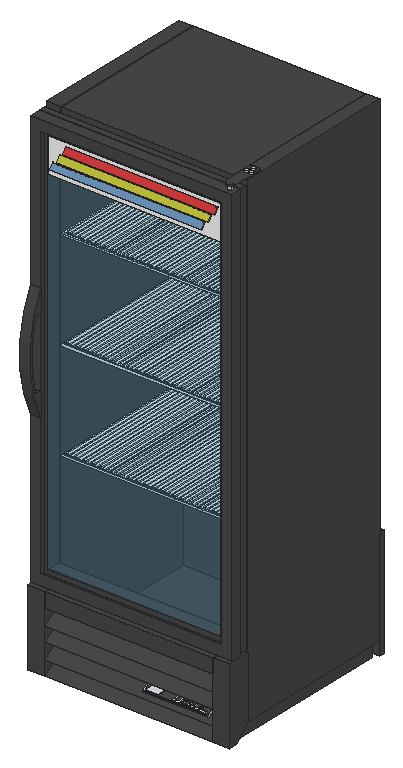
Revit family "QF_TRUE_GDM-12-HC~TSL01", category Specialty Equipment, Revit 2016
Family settings
  Part Type = Normal
  Round Connector Dimension = Use Diameter
  Work Plane-Based = No
  Always vertical = Yes
  Cut with Voids When Loaded = No
  Shared = No
  Room Calculation Point = No
Parameters
  Weight in Pounds = 195
  Watts = Volts * FL Amps  # 230 W
  Volts = 115 V
  URL Cutsheet = ""
  Specification by User = ""
  Specification by Manufacturer = ""
  Show Logo [instance] = yes
  Show Default Legs [instance] = not(Show 2.5 Inches Castors)  # yes
  Show Clearance [instance] = yes
  Show 2.5 Inches Castors [instance] = no
  Serial Number = ""
  Seismic Rating = ""
  SMACNA No = ""
  Revision Code = ""
  Phase = 1
  Number of Poles = 1
  NAFEM Spec ID Number = ""
  Model = "GDM-12-HC~TSL01"
  Min Ckt Ampacity = 0 A
  Max Overcurrent Protection = 0 A
  Masterspec = ""
  Manufacturer = "TRUE"
  Length = 24 13/16"
  Item Number = ""
  Installed By = ""
  Identify Quantity as Lot = yes
  Height [instance] = Body Height + Base Height  # 62 5/16"
  HP = "1/6"
  Furnished By = ""
  Foodservice Equipment Identifier = yes
  FL Amps = 2 A
  Electrical Remarks = ""
  Electric Connection Type = ""
  Elec Conn RI Height = 0"
  Elec Conn Connection Height = 0"
  Description = "SWING DOOR REFRIGERATOR WITH HYDROCARBON REFRIGERANT-TRUE STANDARD LOOK VERSION 01"
  Depth = 25 1/32"
  Cycle = 60 Hz
  Conn Plug = "NEMA 5-15P"
  Conn Conduit = yes
  CSI MasterFormat = ""
  Body Height [instance] = 62 1/8"  # constant formula
  Base Height [instance] = if(Show 2.5 Inches Castors, 2 1/2", 3/16")  # 3/16"
  Apparent Power = 0 VA
Reference planes (in)
  plane 1 "BACK": y = 0
  plane 2: z = 0
  plane 3 "LEFT": x = 0
  plane 4 "RIGHT": x = 24.8125
  plane 5 "FRONT": y = -25.03125
  plane 6 "TOP": z = 62.3125
  plane 7 "Center Y": x = 12.40625
  plane 8 "Center X": y = -12.51562
  plane 9: y = -0.53125
  plane 10: y = -23.40625
  plane 11: y = -25.09375
  plane 12: y = -46.625
  plane 13: z = 0.1875
Dimensions and locks (in)
  equal spacing: plane 3 "LEFT", plane 7 "Center Y", plane 4 "RIGHT"
  "Length": plane 3 "LEFT" to plane 4 "RIGHT"
  equal spacing: plane 5 "FRONT", plane 8 "Center X", plane 1 "BACK"
  "Depth": plane 5 "FRONT" to plane 1 "BACK"
  "Body Height": plane 6 "TOP" to plane 13
  plane 4 "RIGHT" to plane 3 "LEFT" = 24 13/16"
  plane 9 to plane 1 "BACK" = 17/32"
  plane 10 to plane 9 = 22 7/8"
  plane 5 "FRONT" to plane 10 = 1 5/8"
  plane 5 "FRONT" to plane 1 "BACK" = 25 1/32"
  plane 12 to plane 1 "BACK" = 46 5/8"
  "Base Height": plane 13 to level
  aligned and locked: level to plane 2
  aligned and locked: nested 1 to plane 13
Nested families (in)
  nested 1: "GDM-12-HC-TSL01" at (0, 0, 0), Show Clearance <- "Show Clearance", Show Default Legs <- "Show Default Legs", Show Logo <- "Show Logo", type "GDM-12-HC-TSL01"
    with Show Logo yes, Show Default Legs yes, Show Clearance yes
  nested 2: "2.5 INCHES_CASTER" at (2, -2.53125, 0), visible <- "Show 2.5 Inches Castors", 2.5 Inches Caster <- "Show 2.5 Inches Castors", type "2.5 INCHES_CASTER"
    with Type Mark "", Specification by User "", Revision Code "", Item Number "", Installed By "", Identify Quantity as Lot yes, Furnished By "", Foodservice Equipment Identifier yes, 2.5 Inches Caster no
  nested 3: "2.5 INCHES_CASTER" at (22.8125, -2.53125, 0), visible <- "Show 2.5 Inches Castors", 2.5 Inches Caster <- "Show 2.5 Inches Castors", type "2.5 INCHES_CASTER"
    with Type Mark "", Specification by User "", Revision Code "", Item Number "", Installed By "", Identify Quantity as Lot yes, Furnished By "", Foodservice Equipment Identifier yes, 2.5 Inches Caster no
  nested 4: "2.5 INCHES_CASTER" at (2, -21.78125, 0), visible <- "Show 2.5 Inches Castors", 2.5 Inches Caster <- "Show 2.5 Inches Castors", type "2.5 INCHES_CASTER"
    with Type Mark "", Specification by User "", Revision Code "", Item Number "", Installed By "", Identify Quantity as Lot yes, Furnished By "", Foodservice Equipment Identifier yes, 2.5 Inches Caster no
  nested 5: "2.5 INCHES_CASTER" at (22.8125, -21.78125, 0), visible <- "Show 2.5 Inches Castors", 2.5 Inches Caster <- "Show 2.5 Inches Castors", type "2.5 INCHES_CASTER"
    with Type Mark "", Specification by User "", Revision Code "", Item Number "", Installed By "", Identify Quantity as Lot yes, Furnished By "", Foodservice Equipment Identifier yes, 2.5 Inches Caster no
Connectors (in)
  electrical at (12.40625, 0, 7.53125), driven by "Volts", driven by "Watts"
    settings: on nested 1, index 1, voltage 115 V, apparent load 230 VA, apparent load phase1 0 VA, apparent load phase2 0 VA, apparent load phase3 0 VA, power factor 1, load classification "Other", number of poles 1, system type 30, power factor state 1, is connector primary yes, connector utility no, sub classification motor no, connector description "ELECTRICAL CONNECTION"
Definition of nested family "GDM-12-HC-TSL01"
  Parameters (values of type "GDM-12-HC-TSL01")
    Weight in Pounds = 0
    Watts = 0 W
    Volts = 0 V
    URL Cutsheet = ""
    Specification by User = ""
    Specification by Manufacturer = ""
    Show Logo [instance] = yes
    Show Default Legs [instance] = yes
    Show Clearance [instance] = yes
    Serial Number = ""
    Seismic Rating = ""
    SMACNA No = ""
    Revision Code = ""
    Phase = 0
    Number of Poles = 1
    NAFEM Spec ID Number = ""
    Model = ""
    Min Ckt Ampacity = 0 A
    Max Overcurrent Protection = 0 A
    Masterspec = ""
    Manufacturer = ""
    Length = 24 13/16"
    Item Number = ""
    Installed By = ""
    Identify Quantity as Lot = yes
    Height = 62 5/16"
    HP = ""
    Furnished By = ""
    Foodservice Equipment Identifier = yes
    FL Amps = 0 A
    Electrical Remarks = ""
    Electric Connection Type = ""
    Elec Conn RI Height = 0"
    Elec Conn Connection Height = 0"
    Description = ""
    Depth = 25 1/32"
    Cycle = 0 Hz
    Conn Plug = ""
    Conn Conduit = yes
    CSI MasterFormat = ""
    Body Finish = none
    Apparent Power = 0 VA
  Reference planes (in)
    plane 1 "BACK": y = 0
    plane 2: z = 0
    plane 3 "LEFT": x = 0
    plane 4 "RIGHT": x = 24.8125
    plane 5 "FRONT": y = -25.03125
    plane 6 "TOP": z = 62.3125
    plane 7 "Center Y": x = 12.40625
    plane 8 "Center X": y = -12.51562
    plane 9: y = -0.53125
    plane 10: y = -23.40625
    plane 11: y = -25.09375
    plane 12: z = 10.5
    plane 13: z = 2.375
    plane 14: z = 10.5
    plane 15: y = -46.625
    plane 16: y = -46.625
    plane 17: z = 0.1875
  Forms (in)
    Extrusion 1, solid
      sketch origin (0.03125, -23.4375, 65.50979) x (0, 0, 1) y (1, 0, 0)
        loop
          line (-5.03234, 23.53125) -> (-54.00979, 23.53125) -> (-54.00979, 1.21875) -> (-5.03234, 1.21875) -> (-5.03234, 23.53125)
        loop
          line (-5.53234, 23.03125) -> (-53.50979, 23.03125) -> (-53.50979, 1.71875) -> (-5.53234, 1.71875) -> (-5.53234, 23.03125)
      from 2.25251 to 0.5
    Extrusion 2, solid, material <- "Body Finish"
      sketch origin (0.03125, -23.4375, 65.50979) x (0, 0, 1) y (1, 0, 0)
        loop
          line (-55.25979, -0.03125) -> (-3.78234, -0.03125) -> (-3.78234, 24.78125) -> (-55.25979, 24.78125) -> (-55.25979, -0.03125)
        loop
          line (-5.03234, 23.53125) -> (-54.00979, 23.53125) -> (-54.00979, 1.21875) -> (-5.03234, 1.21875) -> (-5.03234, 23.53125)
      from 1.50251 to 0.03125
    Extrusion 3, solid
      sketch origin (0.03125, -23.4375, 65.50979) x (0, 0, 1) y (1, 0, 0)
        loop
          line (-5.03234, 23.53125) -> (-54.00979, 23.53125) -> (-54.00979, 1.21875) -> (-5.03234, 1.21875) -> (-5.03234, 23.53125)
        loop
          line (-4.78234, 23.78125) -> (-54.25979, 23.78125) -> (-54.25979, 0.96875) -> (-4.78234, 0.96875) -> (-4.78234, 23.78125)
      from 2.25251 to 2.5625
    Extrusion 4, solid, material <- "Body Finish"
      sketch origin (0.03125, 2.9375, 12.89062) x (0, 1, 0) y (0, 0, 1)
        loop
          line (-3.46875, 48.33682) -> (-5.125, 48.33682) -> (-5.125, -9.51562) -> (-23.8125, -9.51562) -> (-23.8125, -10.51562) -> (-3.46875, -10.51562) -> (-3.46875, 48.33682)
      from 1.75 to 23
    Extrusion 5, solid, material <- "Body Finish"
      sketch origin (0.03125, 2.9375, 12.89062) x (0, -1, 0) y (0, 0, 1)
        loop
          line (23.8125, 49.33682) -> (3.46875, 49.33682) -> (3.46875, -10.51562) -> (23.8125, -10.51562) -> (23.8125, 49.33682)
      from 0.03125 to -1.75
    Extrusion 6, solid, material <- "Body Finish"
      sketch origin (0, -0.0625, -1.8125) x (0, 1, 0) y (0, 0, 1)
        loop
          line (-0.46875, 2.5) -> (0.0625, 2.5) -> (0.0625, 16.1875) -> (-0.46875, 16.1875) -> (-0.46875, 2.5)
      from 0 to 24.8125
    Extrusion 7, solid, material <- "Body Finish"
      sketch origin (0, 0.46875, 0.375) x (0, 1, 0) y (0, 0, 1)
        loop
          line (-21.34375, 9.625) -> (-24.20354, 9.625) -> (-24.20354, 0.3125) -> (-23.03125, 0.3125) -> (-21.34375, 2) -> (-21.34375, 9.625)
      from 0 to 2
    Extrusion 8, solid
      sketch origin (0, 0.46875, 0.375) x (0, 1, 0) y (0, 0, 1)
        loop
          line (-23.03125, 0.3125) -> (-23.03125, -0.1875) -> (-1, -0.1875) -> (-1, 2) -> (-21.34375, 2) -> (-23.03125, 0.3125)
      from 0.98361 to 23.82889
    Extrusion 9, solid, material <- "Body Finish"
      sketch origin (2, 0.46875, 0.375) x (0, 1, 0) y (0, 0, 1)
        loop
          line (-24.20354, 9.625) -> (-24.20354, 7.875) -> (-21.40384, 7.875) -> (-24.20354, 5.88192) -> (-23.74627, 5.88192) -> (-21.34375, 7.61566) -> (-21.34375, 9.625) -> (-24.20354, 9.625)
        loop
          line (-21.34375, 6.04694) -> (-24.20354, 4.01463) -> (-23.74627, 4.01463) -> (-21.34375, 5.74837) -> (-21.34375, 6.04694)
        loop
          line (-21.34375, 3.88108) -> (-21.34375, 4.17966) -> (-24.20354, 2.11927) -> (-23.78927, 2.11927) -> (-21.34375, 3.88108)
        loop
          line (-21.34375, 2.37289) -> (-24.20354, 0.3125) -> (-23.03125, 0.3125) -> (-21.34375, 2) -> (-21.34375, 2.37289)
      from 0 to 20.8125
    Extrusion 10, solid
      sketch origin (0.03125, -22.9375, 65.50979) x (0, 0, -1) y (1, 0, 0)
        loop
          line (9.78234, 1.71875) -> (53.50979, 1.71875) -> (53.50979, 23.03125) -> (9.78234, 23.03125) -> (9.78234, 1.71875)
      from 0 to -0.125
    Extrusion 11, solid, visible <- "Show Clearance", detail levels coarse
      sketch origin (23.15625, -23.4375, 10.5) x (0, -1, 0) y (-1, 0, 0)
        loop
          line (-0.03125, -1.65625) -> (23.1875, -1.65625)
          arc (23.1875, -1.65625) -> (16.70099, 15.54381) -> (-0.03125, 23.15625) r 24.08186
          line (-0.03125, 23.15625) -> (-0.03125, -1.65625)
      from 0.25 to -51.22744
    Extrusion 12, solid, material <- "Body Finish"
      sketch origin (24.78125, 2.9375, 12.89062) x (0, -1, 0) y (0, 0, -1)
        loop
          line (23.8125, -49.33682) -> (23.8125, 10.51562) -> (3.46875, 10.51562) -> (3.46875, -49.33682) -> (23.8125, -49.33682)
      from 0.03125 to -1.75
    Extrusion 13, solid
      sketch origin (0.03125, -21.96624, 65.50979) x (0, 0, 1) y (1, 0, 0)
        loop
          line (-55.00979, -0.03125) -> (-3.78234, -0.03125) -> (-3.78234, 24.78125) -> (-55.00979, 24.78125) -> (-55.00979, -0.03125)
        loop
          line (-5.03234, 23.53125) -> (-53.75979, 23.53125) -> (-53.75979, 1.21875) -> (-5.03234, 1.21875) -> (-5.03234, 23.53125)
      from 0.78125 to 0.03125
    Extrusion 14, solid, material <- "Body Finish"
      sketch origin (24.8125, 0.46875, 0.375) x (0, 1, 0) y (0, 0, -1)
        loop
          line (-21.34375, -9.625) -> (-21.34375, -2) -> (-23.03125, -0.3125) -> (-24.20354, -0.3125) -> (-24.20354, -9.625) -> (-21.34375, -9.625)
      from 0 to 2
    Extrusion 15, solid
      sketch origin (0.35938, 0, 0) x (1, 0, 0) y (0, 1, 0)
        loop
          circle (23.55974, -22.48479) r 0.25
      from 10 to 62.22744
    Revolve 16, solid, visible <- "Show Default Legs"
      sketch origin (2, 0.46875, 0) x (0, 1, 0) y (0, 0, 1)
        loop
          line (-21.84375, 0) -> (-21.84375, 0.1875) -> (-22.6184, 0.1875) -> (-22.6184, 0) -> (-21.84375, 0)
        axis (-21.84375, 0) -> (-21.84375, 0.1875)
      angle from 0 to 360
    Revolve 17, solid, visible <- "Show Default Legs"
      sketch origin (2, 20.21875, 0) x (0, 1, 0) y (0, 0, 1)
        loop
          line (-21.84375, 0) -> (-21.84375, 0.1875) -> (-22.6184, 0.1875) -> (-22.6184, 0) -> (-21.84375, 0)
        axis (-21.84375, 0) -> (-21.84375, 0.1875)
      angle from 0 to 360
    Revolve 18, solid, visible <- "Show Default Legs"
      sketch origin (22.8125, 0.46875, 0) x (0, 1, 0) y (0, 0, -1)
        loop
          line (-21.84375, 0) -> (-22.6184, 0) -> (-22.6184, -0.1875) -> (-21.84375, -0.1875) -> (-21.84375, 0)
        axis (-21.84375, 0) -> (-21.84375, -0.1875)
      angle from 0 to 360
    Revolve 19, solid, visible <- "Show Default Legs"
      sketch origin (22.8125, 20.21875, 0) x (0, 1, 0) y (0, 0, -1)
        loop
          line (-21.84375, 0) -> (-22.6184, 0) -> (-22.6184, -0.1875) -> (-21.84375, -0.1875) -> (-21.84375, 0)
        axis (-21.84375, 0) -> (-21.84375, -0.1875)
      angle from 0 to 360
    Extrusion 20, solid, not visible
      sketch origin (-6.9261, -177.0625, 34.29306) x (-1, 0, 0) y (0, -1, 0)
        loop
          line (-8.70735, -174.875) -> (-8.70735, -156.1875) -> (-29.95735, -156.1875) -> (-29.95735, -174.875) -> (-8.70735, -174.875)
        loop
          line (-8.95735, -174.625) -> (-8.95735, -156.375) -> (-29.70735, -156.375) -> (-29.70735, -174.625) -> (-8.95735, -174.625)
      from 0 to 0.25
    Extrusion 21, solid, not visible
      sketch origin (0.23437, 2.9375, 7.80869) x (1, 0, 0) y (0, 0, 1)
        loop
          circle (10.17187, 26.73438) r 0.125
        loop
          circle (9.67187, 26.73438) r 0.125
        loop
          circle (9.17187, 26.73438) r 0.125
        loop
          circle (8.67187, 26.73438) r 0.125
        loop
          circle (8.17187, 26.73438) r 0.125
        loop
          circle (7.67187, 26.73438) r 0.125
        loop
          circle (7.17187, 26.73438) r 0.125
        loop
          circle (6.67187, 26.73438) r 0.125
        loop
          circle (6.17187, 26.73438) r 0.125
        loop
          circle (5.67187, 26.73438) r 0.125
        loop
          circle (5.17187, 26.73438) r 0.125
        loop
          circle (4.67187, 26.73438) r 0.125
        loop
          circle (4.17187, 26.73438) r 0.125
        loop
          circle (3.67187, 26.73438) r 0.125
        loop
          circle (3.17187, 26.73438) r 0.125
        loop
          circle (2.67187, 26.73438) r 0.125
        loop
          circle (2.17187, 26.73438) r 0.125
        loop
          circle (10.67187, 26.73438) r 0.125
        loop
          circle (11.17187, 26.73438) r 0.125
        loop
          circle (11.67187, 26.73438) r 0.125
        loop
          circle (12.17188, 26.73438) r 0.125
        loop
          circle (14.17188, 26.73438) r 0.125
        loop
          circle (14.67188, 26.73438) r 0.125
        loop
          circle (15.17188, 26.73438) r 0.125
        loop
          circle (15.67188, 26.73438) r 0.125
        loop
          circle (16.17188, 26.73438) r 0.125
        loop
          circle (16.67188, 26.73438) r 0.125
        loop
          circle (17.17188, 26.73438) r 0.125
        loop
          circle (17.67188, 26.73438) r 0.125
        loop
          circle (18.17188, 26.73438) r 0.125
        loop
          circle (18.67188, 26.73438) r 0.125
        loop
          circle (19.17188, 26.73438) r 0.125
        loop
          circle (19.67188, 26.73438) r 0.125
        loop
          circle (20.17188, 26.73438) r 0.125
        loop
          circle (20.67188, 26.73438) r 0.125
        loop
          circle (21.17188, 26.73438) r 0.125
        loop
          circle (21.67188, 26.73438) r 0.125
        loop
          circle (22.17188, 26.73438) r 0.125
        loop
          circle (13.67188, 26.73438) r 0.125
        loop
          circle (13.17188, 26.73438) r 0.125
        loop
          circle (12.67188, 26.73438) r 0.125
      from 5.125 to 23.625
    Extrusion 22, solid, material <- "Body Finish"
      sketch origin (4.31688, 2.875, 26.74306) x (1, 0, 0) y (0, 1, 0)
        loop
          arc (19.40165, -21.39984) -> (19.03744, -21.55726) -> (18.90258, -21.93042) r 0.5
          line (18.90258, -21.93042) -> (19.11273, -25.35979)
          arc (19.11273, -25.35979) -> (19.6118, -25.82921) -> (20.11086, -25.35979) r 0.5
          line (20.11086, -25.35979) -> (20.32101, -21.93042)
          arc (20.32101, -21.93042) -> (20.18615, -21.55726) -> (19.82195, -21.39984) r 0.5
          line (19.82195, -21.39984) -> (19.40165, -21.39984)
      from 35.48438 to 35.56944
    Extrusion 23, solid
      sketch origin (4.30731, 2.875, 26.74306) x (1, 0, 0) y (0, 1, 0)
        loop
          circle (19.6118, -21.78078) r 0.25
        loop
          circle (19.30218, -22.51019) r 0.25
        loop
          circle (19.92141, -22.51019) r 0.25
      from 35.48438 to 35.64063
    Extrusion 24, solid
      sketch origin (0.75, -20.8125, -17.64756) x (-1, 0, 0) y (0, 0, 1)
        loop
          line (-1, 77.625) -> (-22.3125, 77.625) -> (-22.3125, 73.375) -> (-1, 73.375) -> (-1, 77.625)
      from -0.37249 to -2.125
    Extrusion 25, solid
      sketch origin (0.75, -22.9375, -16.39756) x (1, 0, 0) y (0, 0, 1)
        loop
          line (2.10165, 73.75) -> (20.84375, 73.75) -> (21.22761, 74.75) -> (2.48552, 74.75) -> (2.10165, 73.75)
      from 0 to 0.03125
    Extrusion 26, solid
      sketch origin (0.75, -22.9375, -17.39756) x (1, 0, 0) y (0, 0, 1)
        loop
          line (3.30123, 76.875) -> (2.91736, 75.875) -> (21.64348, 75.875) -> (22.02734, 76.875) -> (3.30123, 76.875)
      from 0 to 0.03125
    Extrusion 27, solid
      sketch origin (0.75, -22.9375, -15.39756) x (1, 0, 0) y (0, 0, 1)
        loop
          line (1.28594, 71.625) -> (20.02239, 71.625) -> (20.40625, 72.625) -> (1.66981, 72.625) -> (1.28594, 71.625)
      from 0 to 0.03125
    Extrusion 28, solid, material <- "Body Finish"
      sketch origin (20.40625, -69.74366, 62.22744) x (0, 1, 0) y (-1, 0, 0)
        loop
          line (69.21241, -2.625) -> (69.21241, 18.625) -> (48.86866, 18.625) -> (48.86866, -2.625) -> (69.21241, -2.625)
      from 0 to -1
    Extrusion 29, solid, material <- "Body Finish"
      sketch origin (-0.25, 2.875, 18.89509) x (0, 1, 0) y (0, 0, 1)
        loop
          arc (-26.28125, 24.2861) -> (-27.90626, 17.09363) -> (-26.28125, 9.90116) r 16.72986
          line (-26.28125, 9.90116) -> (-26.28125, 12.85144) -> (-27.1009, 12.85144)
          arc (-27.1009, 12.85144) -> (-27.65626, 17.09363) -> (-27.1009, 21.33582) r 16.47986
          line (-27.1009, 21.33582) -> (-26.28125, 21.33582) -> (-26.28125, 24.2861)
      from 0.25 to 1.5
    Extrusion 30, solid
      sketch origin (-6.9261, -177.0625, 23.61925) x (-1, 0, 0) y (0, -1, 0)
        loop
          line (-8.70735, -174.875) -> (-8.70735, -156.1875) -> (-29.95735, -156.1875) -> (-29.95735, -174.875) -> (-8.70735, -174.875)
        loop
          line (-8.95735, -174.625) -> (-8.95735, -156.375) -> (-29.70735, -156.375) -> (-29.70735, -174.625) -> (-8.95735, -174.625)
      from 0 to 0.25
    Extrusion 31, solid
      sketch origin (0.23437, 2.9375, -2.86513) x (1, 0, 0) y (0, 0, 1)
        loop
          circle (10.17187, 26.73438) r 0.125
        loop
          circle (9.67187, 26.73438) r 0.125
        loop
          circle (9.17187, 26.73438) r 0.125
        loop
          circle (8.67187, 26.73438) r 0.125
        loop
          circle (8.17187, 26.73438) r 0.125
        loop
          circle (7.67187, 26.73438) r 0.125
        loop
          circle (7.17187, 26.73438) r 0.125
        loop
          circle (6.67187, 26.73438) r 0.125
        loop
          circle (6.17187, 26.73438) r 0.125
        loop
          circle (5.67187, 26.73438) r 0.125
        loop
          circle (5.17187, 26.73438) r 0.125
        loop
          circle (4.67187, 26.73438) r 0.125
        loop
          circle (4.17187, 26.73438) r 0.125
        loop
          circle (3.67187, 26.73438) r 0.125
        loop
          circle (3.17187, 26.73438) r 0.125
        loop
          circle (2.67187, 26.73438) r 0.125
        loop
          circle (2.17187, 26.73438) r 0.125
        loop
          circle (10.67187, 26.73438) r 0.125
        loop
          circle (11.17187, 26.73438) r 0.125
        loop
          circle (11.67187, 26.73438) r 0.125
        loop
          circle (12.17188, 26.73438) r 0.125
        loop
          circle (14.17188, 26.73438) r 0.125
        loop
          circle (14.67188, 26.73438) r 0.125
        loop
          circle (15.17188, 26.73438) r 0.125
        loop
          circle (15.67188, 26.73438) r 0.125
        loop
          circle (16.17188, 26.73438) r 0.125
        loop
          circle (16.67188, 26.73438) r 0.125
        loop
          circle (17.17188, 26.73438) r 0.125
        loop
          circle (17.67188, 26.73438) r 0.125
        loop
          circle (18.17188, 26.73438) r 0.125
        loop
          circle (18.67188, 26.73438) r 0.125
        loop
          circle (19.17188, 26.73438) r 0.125
        loop
          circle (19.67188, 26.73438) r 0.125
        loop
          circle (20.17188, 26.73438) r 0.125
        loop
          circle (20.67188, 26.73438) r 0.125
        loop
          circle (21.17188, 26.73438) r 0.125
        loop
          circle (21.67188, 26.73438) r 0.125
        loop
          circle (22.17188, 26.73438) r 0.125
        loop
          circle (13.67188, 26.73438) r 0.125
        loop
          circle (13.17188, 26.73438) r 0.125
        loop
          circle (12.67188, 26.73438) r 0.125
      from 5.125 to 23.625
    Extrusion 32, solid
      sketch origin (-6.9261, -177.0625, 35.86372) x (-1, 0, 0) y (0, -1, 0)
        loop
          line (-8.70735, -174.875) -> (-8.70735, -156.1875) -> (-29.95735, -156.1875) -> (-29.95735, -174.875) -> (-8.70735, -174.875)
        loop
          line (-8.95735, -174.625) -> (-8.95735, -156.375) -> (-29.70735, -156.375) -> (-29.70735, -174.625) -> (-8.95735, -174.625)
      from 0 to 0.25
    Extrusion 33, solid
      sketch origin (0.23437, 2.9375, 9.37934) x (1, 0, 0) y (0, 0, 1)
        loop
          circle (10.17187, 26.73438) r 0.125
        loop
          circle (9.67187, 26.73438) r 0.125
        loop
          circle (9.17187, 26.73438) r 0.125
        loop
          circle (8.67187, 26.73438) r 0.125
        loop
          circle (8.17187, 26.73438) r 0.125
        loop
          circle (7.67187, 26.73438) r 0.125
        loop
          circle (7.17187, 26.73438) r 0.125
        loop
          circle (6.67187, 26.73438) r 0.125
        loop
          circle (6.17187, 26.73438) r 0.125
        loop
          circle (5.67187, 26.73438) r 0.125
        loop
          circle (5.17187, 26.73438) r 0.125
        loop
          circle (4.67187, 26.73438) r 0.125
        loop
          circle (4.17187, 26.73438) r 0.125
        loop
          circle (3.67187, 26.73438) r 0.125
        loop
          circle (3.17187, 26.73438) r 0.125
        loop
          circle (2.67187, 26.73438) r 0.125
        loop
          circle (2.17187, 26.73438) r 0.125
        loop
          circle (10.67187, 26.73438) r 0.125
        loop
          circle (11.17187, 26.73438) r 0.125
        loop
          circle (11.67187, 26.73438) r 0.125
        loop
          circle (12.17188, 26.73438) r 0.125
        loop
          circle (14.17188, 26.73438) r 0.125
        loop
          circle (14.67188, 26.73438) r 0.125
        loop
          circle (15.17188, 26.73438) r 0.125
        loop
          circle (15.67188, 26.73438) r 0.125
        loop
          circle (16.17188, 26.73438) r 0.125
        loop
          circle (16.67188, 26.73438) r 0.125
        loop
          circle (17.17188, 26.73438) r 0.125
        loop
          circle (17.67188, 26.73438) r 0.125
        loop
          circle (18.17188, 26.73438) r 0.125
        loop
          circle (18.67188, 26.73438) r 0.125
        loop
          circle (19.17188, 26.73438) r 0.125
        loop
          circle (19.67188, 26.73438) r 0.125
        loop
          circle (20.17188, 26.73438) r 0.125
        loop
          circle (20.67188, 26.73438) r 0.125
        loop
          circle (21.17188, 26.73438) r 0.125
        loop
          circle (21.67188, 26.73438) r 0.125
        loop
          circle (22.17188, 26.73438) r 0.125
        loop
          circle (13.67188, 26.73438) r 0.125
        loop
          circle (13.17188, 26.73438) r 0.125
        loop
          circle (12.67188, 26.73438) r 0.125
      from 5.125 to 23.625
    Extrusion 34, solid
      sketch origin (-6.9261, -177.0625, 48.10775) x (-1, 0, 0) y (0, -1, 0)
        loop
          line (-8.70735, -174.875) -> (-8.70735, -156.1875) -> (-29.95735, -156.1875) -> (-29.95735, -174.875) -> (-8.70735, -174.875)
        loop
          line (-8.95735, -174.625) -> (-8.95735, -156.375) -> (-29.70735, -156.375) -> (-29.70735, -174.625) -> (-8.95735, -174.625)
      from 0 to 0.25
    Extrusion 35, solid
      sketch origin (0.23437, 2.9375, 21.62337) x (1, 0, 0) y (0, 0, 1)
        loop
          circle (10.17187, 26.73438) r 0.125
        loop
          circle (9.67187, 26.73438) r 0.125
        loop
          circle (9.17187, 26.73438) r 0.125
        loop
          circle (8.67187, 26.73438) r 0.125
        loop
          circle (8.17187, 26.73438) r 0.125
        loop
          circle (7.67187, 26.73438) r 0.125
        loop
          circle (7.17187, 26.73438) r 0.125
        loop
          circle (6.67187, 26.73438) r 0.125
        loop
          circle (6.17187, 26.73438) r 0.125
        loop
          circle (5.67187, 26.73438) r 0.125
        loop
          circle (5.17187, 26.73438) r 0.125
        loop
          circle (4.67187, 26.73438) r 0.125
        loop
          circle (4.17187, 26.73438) r 0.125
        loop
          circle (3.67187, 26.73438) r 0.125
        loop
          circle (3.17187, 26.73438) r 0.125
        loop
          circle (2.67187, 26.73438) r 0.125
        loop
          circle (2.17187, 26.73438) r 0.125
        loop
          circle (10.67187, 26.73438) r 0.125
        loop
          circle (11.17187, 26.73438) r 0.125
        loop
          circle (11.67187, 26.73438) r 0.125
        loop
          circle (12.17188, 26.73438) r 0.125
        loop
          circle (14.17188, 26.73438) r 0.125
        loop
          circle (14.67188, 26.73438) r 0.125
        loop
          circle (15.17188, 26.73438) r 0.125
        loop
          circle (15.67188, 26.73438) r 0.125
        loop
          circle (16.17188, 26.73438) r 0.125
        loop
          circle (16.67188, 26.73438) r 0.125
        loop
          circle (17.17188, 26.73438) r 0.125
        loop
          circle (17.67188, 26.73438) r 0.125
        loop
          circle (18.17188, 26.73438) r 0.125
        loop
          circle (18.67188, 26.73438) r 0.125
        loop
          circle (19.17188, 26.73438) r 0.125
        loop
          circle (19.67188, 26.73438) r 0.125
        loop
          circle (20.17188, 26.73438) r 0.125
        loop
          circle (20.67188, 26.73438) r 0.125
        loop
          circle (21.17188, 26.73438) r 0.125
        loop
          circle (21.67188, 26.73438) r 0.125
        loop
          circle (22.17188, 26.73438) r 0.125
        loop
          circle (13.67188, 26.73438) r 0.125
        loop
          circle (13.17188, 26.73438) r 0.125
        loop
          circle (12.67188, 26.73438) r 0.125
      from 5.125 to 23.625
    Extrusion 36, solid, material <- "Body Finish"
      sketch origin (0, 0, 0) x (1, 0, 0) y (0, 0, 1)
        loop
          circle (12.40625, 7.28125) r 0.25
      from 0 to -0.125
  Lines and regions (in)
    symbolic lines
      curve 1: line (0, 0, 0) -> (24.8125, 0, 0)
      curve 2: line (0, -23.73479, 0) -> (0, 0, 0)
      curve 3: line (24.8125, -23.40625, 0) -> (0, -23.40625, 0)
      curve 4: line (24.8125, 0, 0) -> (24.8125, -23.73479, 0)
      curve 5: line (24.8125, -21.93499, 0) -> (24.46144, -21.93499, 0)
      curve 6: line (24.8125, -21.18499, 0) -> (24.5074, -21.18499, 0)
      curve 7: line (0, -20.875, 0) -> (23.33097, -20.875, 0)
      curve 8: line (1.78125, -0.53125, 0) -> (1.78125, -20.875, 0)
      curve 9: line (23.03125, -20.875, 0) -> (23.03125, -0.53125, 0)
      curve 10: line (24.13883, -18.52484, 0) -> (23.71853, -18.52484, 0)
      curve 11: arc (23.71853, -18.52484, 0) -> (23.35432, -18.68226, 0) -> (23.21947, -19.05542, 0) r 0.5
      curve 12: line (23.21947, -19.05542, 0) -> (23.42962, -22.48479, 0)
      curve 13: arc (23.42962, -22.48479, 0) -> (23.92868, -22.95421, 0) -> (24.42775, -22.48479, 0) r 0.5
      curve 14: line (24.42775, -22.48479, 0) -> (24.6379, -19.05542, 0)
      curve 15: arc (24.6379, -19.05542, 0) -> (24.50304, -18.68226, 0) -> (24.13883, -18.52484, 0) r 0.5
      curve 16: arc (24.16911, -22.48479, 0) -> (23.91911, -22.23479, 0) -> (23.66911, -22.48479, 0) r 0.25
      curve 17: arc (23.66911, -22.48479, 0) -> (23.91911, -22.73479, 0) -> (24.16911, -22.48479, 0) r 0.25
      curve 18: arc (23.3595, -19.63519, 0) -> (23.6095, -19.88519, 0) -> (23.8595, -19.63519, 0) r 0.25
      curve 19: arc (23.8595, -19.63519, 0) -> (23.6095, -19.38519, 0) -> (23.3595, -19.63519, 0) r 0.25
      curve 20: arc (23.97873, -19.63519, 0) -> (24.22873, -19.88519, 0) -> (24.47873, -19.63519, 0) r 0.25
      curve 21: arc (24.47873, -19.63519, 0) -> (24.22873, -19.38519, 0) -> (23.97873, -19.63519, 0) r 0.25
      curve 22: arc (23.66911, -18.90578, 0) -> (23.91911, -19.15578, 0) -> (24.16911, -18.90578, 0) r 0.25
      curve 23: arc (24.16911, -18.90578, 0) -> (23.91911, -18.65578, 0) -> (23.66911, -18.90578, 0) r 0.25
      curve 24: line (24.52639, -20.875, 0) -> (24.8125, -20.875, 0)
      curve 25: line (23.34997, -21.18499, 0) -> (0, -21.18499, 0)
      curve 26: line (23.39593, -21.93499, 0) -> (0, -21.93499, 0)
      curve 27: line (24.8125, -23.40625, 0) -> (3.78864, -35.54438, 0)
      curve 28: arc (3.78864, -35.54438, 0) -> (1.07871, -29.72989, 0) -> (0, -23.40625, 0) r 24.08186
      curve 29: line (0.625, -25.03126, 0) -> (0.625, -23.40625, 0)
      curve 30: line (0.625, -25.03126, 0) -> (1.625, -25.03126, 0)
      curve 31: line (1.625, -25.03126, 0) -> (1.625, -23.40625, 0)
      curve 32: line (0, -23.73479, 0) -> (0.625, -23.73479, 0)
      curve 33: line (1.625, -23.73479, 0) -> (24.8125, -23.73479, 0)
      curve 34: line (0, -0.53125, 0) -> (24.8125, -0.53125, 0)
  Dimensions and locks (in)
    equal spacing: plane 3 "LEFT", plane 7 "Center Y", plane 4 "RIGHT"
    "Length": plane 3 "LEFT" to plane 4 "RIGHT"
    equal spacing: plane 5 "FRONT", plane 8 "Center X", plane 1 "BACK"
    "Depth": plane 5 "FRONT" to plane 1 "BACK"
    "Height": plane 6 "TOP" to level
    plane 4 "RIGHT" to plane 3 "LEFT" = 24 13/16"
    plane 9 to plane 1 "BACK" = 17/32"
    plane 10 to plane 9 = 22 7/8"
    plane 5 "FRONT" to plane 10 = 1 5/8"
    plane 5 "FRONT" to plane 1 "BACK" = 25 1/32"
    plane 1 "BACK" to plane 15 = 46 5/8"
    plane 16 to plane 1 "BACK" = 46 5/8"
    plane 17 to level = 3/16"
    equal spacing: Extrusion 6, Extrusion 36 sketch curve, Extrusion 7
    aligned and locked: level to plane 2
  Automatic sketch dimensions
    Extrusion 20 sketch curve to Extrusion 20 sketch curve = 20 3/4"
    Extrusion 20 sketch curve to Extrusion 20 sketch curve = 1/4"  (x3)
    Extrusion 20 sketch curve to Extrusion 20 sketch curve = 18 1/4"
    Extrusion 20 sketch curve to Extrusion 20 sketch curve = 3/16"
    curve 16 to curve 17 = 0"  (x2)
    curve 18 to curve 19 = 0"  (x2)
    curve 20 to curve 21 = 0"  (x2)
    curve 22 to curve 23 = 0"  (x2)
    plane 1 "BACK" to curve 1 = 0"
    curve 1 to plane 3 "LEFT" = 0"
    curve 29 to plane 10 = 0"
    curve 8 to plane 9 = 0"
    curve 27 to plane 4 "RIGHT" = 0"
    plane 5 "FRONT" to curve 30 = 0"
    plane 3 "LEFT" to curve 30 = 5/8"
    curve 29 to curve 31 = 1"
    plane 3 "LEFT" to curve 27 = 3.78864"
    plane 4 "RIGHT" to curve 12 = 1.59303"
    plane 10 to curve 12 = 0.92146"
    plane 4 "RIGHT" to curve 12 = 1.38288"
    curve 12 to curve 19 = 0.39003"
    curve 12 to curve 10 = 0.49906"
    curve 12 to curve 17 = 0.48949"
    curve 11 to curve 22 = 0.20058"
    curve 16 to curve 13 = 0.00957"
    curve 16 to curve 28 = 0.14769"
    curve 10 to curve 10 = 0.4203"
    plane 4 "RIGHT" to curve 20 = 0.58377"
    curve 28 to curve 14 = 0.36094"
    plane 4 "RIGHT" to curve 14 = 0.1746"
    plane 5 "FRONT" to curve 27 = 10.51313"
    curve 4 to plane 10 = 0.32854"
    curve 2 to curve 28 = 0.32854"
    curve 28 to curve 17 = 0.06989"
    curve 16 to curve 13 = 0.03058"
    curve 13 to curve 20 = 2.81903"
    curve 18 to curve 20 = 0"
    curve 19 to curve 12 = 0.57977"
    curve 21 to curve 14 = 0.57977"
    curve 14 to curve 15 = 0.03058"
    curve 11 to curve 23 = 0.11906"
    plane 3 "LEFT" to curve 8 = 1 25/32"
    curve 9 to curve 18 = 0.57825"
    curve 9 to curve 7 = 0.29972"
    curve 7 to curve 25 = 0.019"
    curve 19 to curve 18 = 1/4"
    curve 26 to curve 13 = 0.03369"
    curve 22 to curve 11 = 0.04942"
    curve 12 to curve 17 = 0.23949"
    curve 18 to curve 20 = 0.11923"
    plane 4 "RIGHT" to curve 5 = 0.35106"
    curve 6 to curve 6 = 0.3051"
    curve 24 to curve 24 = 0.28611"
    Extrusion 1 sketch curve to Extrusion 1 sketch curve = 1/2"  (x4)
    Extrusion 2 sketch curve to plane 12 = 1/4"
    plane 12 to Extrusion 2 sketch curve = 1"
    Extrusion 3 sketch curve to Extrusion 3 sketch curve = 1/4"  (x4)
    Extrusion 4 sketch curve to plane 13 = 0"
    Extrusion 4 sketch curve to Extrusion 4 sketch curve = 1 21/32"
    plane 13 to Extrusion 4 sketch curve = 1"
    Extrusion 6 sketch curve to Extrusion 6 sketch curve = 13 11/16"
    Extrusion 7 sketch curve to Extrusion 7 sketch curve = 1 11/16"  (x2)
    Extrusion 7 sketch curve to Extrusion 7 sketch curve = 7 5/8"
    Extrusion 9 sketch curve to Extrusion 7 = 0"  (x11)
    Extrusion 7 to Extrusion 9 sketch curve = 0"  (x2)
    Extrusion 9 sketch curve to Extrusion 9 sketch curve = 0.41427"
    Extrusion 9 sketch curve to Extrusion 9 sketch curve = 0.45727"  (x2)
    Extrusion 9 sketch curve to Extrusion 7 = 0.06009"
    Extrusion 9 sketch curve to Extrusion 7 = 1.80677"
    Extrusion 9 sketch curve to Extrusion 9 sketch curve = 0.37289"
    Extrusion 9 sketch curve to Extrusion 9 sketch curve = 1.5082"
    Extrusion 9 sketch curve to Extrusion 9 sketch curve = 1.89536"
    Extrusion 9 sketch curve to Extrusion 9 sketch curve = 0.29857"  (x2)
    Extrusion 9 sketch curve to Extrusion 9 sketch curve = 1.56871"  (x2)
    Extrusion 9 sketch curve to Extrusion 9 sketch curve = 1.86729"
    Extrusion 9 sketch curve to Extrusion 9 sketch curve = 1 3/4"
    Extrusion 1 to Extrusion 10 sketch curve = 0"
    Extrusion 10 sketch curve to Extrusion 1 = 0"  (x2)
    Extrusion 1 to Extrusion 10 sketch curve = 4 1/4"
    Extrusion 11 sketch curve to plane 4 "RIGHT" = 0"
    Extrusion 11 sketch curve to plane 10 = 0"
    Extrusion 11 sketch curve to plane 15 = 0"
    Extrusion 11 sketch curve to plane 3 "LEFT" = 0"
    plane 4 "RIGHT" to Extrusion 11 sketch curve = 0.7457"
    Extrusion 13 sketch curve to plane 14 = 0"
    plane 14 to Extrusion 13 sketch curve = 1 1/4"
    Extrusion 14 sketch curve to Extrusion 14 sketch curve = 1 11/16"  (x2)
    Extrusion 15 sketch curve to Extrusion 15 sketch curve = 1/4"
    Revolve 16 sketch curve to Revolve 16 sketch curve = 0.77465"
    Revolve 16 sketch curve to Revolve 16 sketch curve = 0"  (x2)
    Revolve 16 sketch curve to Revolve 16 sketch curve = 0.38265"
    Revolve 17 sketch curve to Revolve 17 sketch curve = 0.77465"
    Revolve 17 sketch curve to Revolve 17 sketch curve = 0"  (x2)
    Revolve 17 sketch curve to Revolve 17 sketch curve = 0.38265"
    Revolve 18 sketch curve to Revolve 18 sketch curve = 0.77465"
    Revolve 18 sketch curve to Revolve 18 sketch curve = 0"  (x2)
    Revolve 18 sketch curve to Revolve 18 sketch curve = 0.38265"
    Revolve 19 sketch curve to Revolve 19 sketch curve = 0.77465"
    Revolve 19 sketch curve to Revolve 19 sketch curve = 0"  (x2)
    Revolve 19 sketch curve to Revolve 19 sketch curve = 0.38265"
    Extrusion 22 sketch curve to Extrusion 22 sketch curve = 0.49906"  (x4)
    Extrusion 22 sketch curve to Extrusion 22 sketch curve = 0.4203"
    Extrusion 22 sketch curve to Extrusion 22 sketch curve = 0.03058"  (x2)
    Extrusion 22 sketch curve to Extrusion 22 sketch curve = 3.42938"
    Extrusion 22 sketch curve to Extrusion 22 sketch curve = 0"
    Extrusion 23 sketch curve to Extrusion 23 sketch curve = 0.30962"
    Extrusion 23 sketch curve to Extrusion 23 sketch curve = 0"
    Extrusion 23 sketch curve to Extrusion 23 sketch curve = 0.72941"
    Extrusion 25 sketch curve to Extrusion 24 = 1.10165"
    Extrusion 25 sketch curve to Extrusion 25 sketch curve = 0.38386"  (x2)
    Extrusion 25 sketch curve to Extrusion 24 = 1 15/32"
    Extrusion 25 sketch curve to Extrusion 24 = 1 5/8"
    Extrusion 25 sketch curve to Extrusion 25 sketch curve = 1"
    Extrusion 26 sketch curve to Extrusion 24 = 1.91736"
    Extrusion 26 sketch curve to Extrusion 24 = 1/2"
    Extrusion 26 sketch curve to Extrusion 26 sketch curve = 0.38386"
    Extrusion 26 sketch curve to Extrusion 24 = 0.66902"
    Extrusion 26 sketch curve to Extrusion 24 = 73/256"
    Extrusion 26 sketch curve to Extrusion 26 sketch curve = 1"
    Extrusion 27 sketch curve to Extrusion 24 = 0.28594"
    Extrusion 27 sketch curve to Extrusion 24 = 0.66981"
    Extrusion 27 sketch curve to Extrusion 24 = 1/2"
    Extrusion 27 sketch curve to Extrusion 24 = 2.29011"
    Extrusion 27 sketch curve to Extrusion 27 sketch curve = 0.38386"
    Extrusion 27 sketch curve to Extrusion 27 sketch curve = 1"
    Extrusion 29 sketch curve to Extrusion 29 sketch curve = 2.95028"
    Extrusion 29 sketch curve to Extrusion 29 sketch curve = 4 31/128"
    Extrusion 30 sketch curve to Extrusion 30 sketch curve = 20 3/4"
    Extrusion 30 sketch curve to Extrusion 30 sketch curve = 1/4"  (x3)
    Extrusion 30 sketch curve to Extrusion 30 sketch curve = 18 1/4"
    Extrusion 30 sketch curve to Extrusion 30 sketch curve = 3/16"
    Extrusion 31 sketch curve to Extrusion 31 sketch curve = 1/2"  (x40)
    Extrusion 31 sketch curve to Extrusion 31 sketch curve = 0"  (x40)
    Extrusion 32 sketch curve to Extrusion 32 sketch curve = 20 3/4"
    Extrusion 32 sketch curve to Extrusion 32 sketch curve = 1/4"  (x3)
    Extrusion 32 sketch curve to Extrusion 32 sketch curve = 18 1/4"
    Extrusion 32 sketch curve to Extrusion 32 sketch curve = 3/16"
    Extrusion 33 sketch curve to Extrusion 33 sketch curve = 1/2"  (x40)
    Extrusion 33 sketch curve to Extrusion 33 sketch curve = 0"  (x40)
    Extrusion 34 sketch curve to Extrusion 34 sketch curve = 20 3/4"
    Extrusion 34 sketch curve to Extrusion 34 sketch curve = 1/4"  (x3)
    Extrusion 34 sketch curve to Extrusion 34 sketch curve = 18 1/4"
    Extrusion 34 sketch curve to Extrusion 34 sketch curve = 3/16"
    Extrusion 35 sketch curve to Extrusion 35 sketch curve = 1/2"  (x40)
    Extrusion 35 sketch curve to Extrusion 35 sketch curve = 0"  (x40)
    Extrusion 1 sketch curve to Extrusion 1 sketch curve = 47.97744"
    Extrusion 1 sketch curve to Extrusion 1 sketch curve = 21 5/16"
    Extrusion 2 sketch curve to Extrusion 2 sketch curve = 48.97744"
    Extrusion 2 sketch curve to Extrusion 2 sketch curve = 1 1/4"  (x3)
    Extrusion 2 sketch curve to Extrusion 2 sketch curve = 22 5/16"
    Extrusion 3 sketch curve to Extrusion 3 sketch curve = 48.97744"
    Extrusion 3 sketch curve to Extrusion 3 sketch curve = 22 5/16"
    Extrusion 4 sketch curve to Extrusion 4 sketch curve = 18 11/16"
    Extrusion 4 sketch curve to Extrusion 4 sketch curve = 57.85244"
    Extrusion 5 sketch curve to Extrusion 5 sketch curve = 20 11/32"
    Extrusion 5 sketch curve to Extrusion 5 sketch curve = 59.85244"
    Extrusion 6 sketch curve to Extrusion 6 sketch curve = 17/32"
    Extrusion 7 sketch curve to Extrusion 7 sketch curve = 1.17229"
    Extrusion 8 sketch curve to Extrusion 8 sketch curve = 1 11/16"  (x2)
    Extrusion 8 sketch curve to Extrusion 8 sketch curve = 20 11/32"
    Extrusion 8 sketch curve to Extrusion 8 sketch curve = 1/2"
    Extrusion 12 sketch curve to Extrusion 12 sketch curve = 20 11/32"
    Extrusion 12 sketch curve to Extrusion 12 sketch curve = 59.85244"
    Extrusion 13 sketch curve to Extrusion 13 sketch curve = 48.72744"
    Extrusion 13 sketch curve to Extrusion 13 sketch curve = 1 1/4"  (x3)
    Extrusion 13 sketch curve to Extrusion 13 sketch curve = 22 5/16"
    Extrusion 14 sketch curve to Extrusion 14 sketch curve = 1.17229"
    Extrusion 14 sketch curve to Extrusion 14 sketch curve = 7 5/8"
    Revolve 16 sketch curve to Revolve 16 sketch curve = 3/16"
    Revolve 17 sketch curve to Revolve 17 sketch curve = 3/16"
    Revolve 18 sketch curve to Revolve 18 sketch curve = 3/16"
    Revolve 19 sketch curve to Revolve 19 sketch curve = 3/16"
    Extrusion 22 sketch curve to Extrusion 22 sketch curve = 0.21015"
    Extrusion 23 sketch curve to Extrusion 23 sketch curve = 0.61923"
    Extrusion 24 sketch curve to Extrusion 24 sketch curve = 21 5/16"
    Extrusion 24 sketch curve to Extrusion 24 sketch curve = 4 1/4"
    Extrusion 28 sketch curve to Extrusion 28 sketch curve = 20 11/32"
    Extrusion 28 sketch curve to Extrusion 28 sketch curve = 21 1/4"
    Extrusion 29 sketch curve to Extrusion 29 sketch curve = 0"  (x5)
    Extrusion 29 sketch curve to Extrusion 29 sketch curve = 0.81965"  (x2)
    Extrusion 29 sketch curve to Extrusion 29 sketch curve = 15.10485"
    plane 4 "RIGHT" to Extrusion 1 sketch curve = 1 1/4"
    plane 17 to Extrusion 1 sketch curve = 11 5/16"
    Extrusion 2 sketch curve to plane 3 "LEFT" = 0"
    plane 3 "LEFT" to Extrusion 3 sketch curve = 1"
    plane 17 to Extrusion 3 sketch curve = 11 1/16"
    Extrusion 4 sketch curve to plane 9 = 0"
    Extrusion 5 sketch curve to plane 9 = 0"
    plane 17 to Extrusion 5 sketch curve = 2 3/16"
    Extrusion 6 sketch curve to plane 9 = 0"
    plane 17 to Extrusion 6 sketch curve = 1/2"
    Extrusion 7 sketch curve to plane 10 = 0.32854"
    plane 17 to Extrusion 7 sketch curve = 1/2"
    Extrusion 8 sketch curve to plane 17 = 0"
    Extrusion 8 sketch curve to plane 9 = 0"
    Extrusion 12 sketch curve to plane 9 = 0"
    Extrusion 12 sketch curve to plane 6 "TOP" = 0.08506"
    Extrusion 13 sketch curve to plane 3 "LEFT" = 0"
    Extrusion 14 sketch curve to plane 10 = 0.32854"
    plane 17 to Extrusion 14 sketch curve = 9 13/16"
    Extrusion 15 sketch curve to Extrusion 15 sketch curve = 0"  (x2)
    plane 4 "RIGHT" to Extrusion 15 sketch curve = 0.89339"
    plane 10 to Extrusion 15 sketch curve = 0.92146"
    Revolve 16 sketch curve to plane 17 = 0"
    plane 10 to Revolve 16 sketch curve = 1.2566"
    Revolve 17 sketch curve to plane 17 = 0"
    Revolve 17 sketch curve to plane 9 = 1.8684"
    Revolve 18 sketch curve to plane 17 = 0"
    plane 10 to Revolve 18 sketch curve = 1.2566"
    Revolve 19 sketch curve to plane 17 = 0"
    Revolve 19 sketch curve to plane 9 = 1.8684"
    plane 4 "RIGHT" to Extrusion 22 sketch curve = 1.59303"
    plane 10 to Extrusion 22 sketch curve = 0.92146"
    plane 4 "RIGHT" to Extrusion 23 sketch curve = 1.203"
    plane 10 to Extrusion 23 sketch curve = 3.77106"
    plane 4 "RIGHT" to Extrusion 24 sketch curve = 1 3/4"
    Extrusion 24 sketch curve to plane 6 "TOP" = 6.58506"
    Extrusion 28 sketch curve to plane 9 = 0"
    plane 4 "RIGHT" to Extrusion 28 sketch curve = 1 25/32"
    Extrusion 29 sketch curve to plane 10 = 0"
    plane 17 to Extrusion 29 sketch curve = 28.60875"
    Extrusion 36 sketch curve to plane 7 "Center Y" = 0"
    radius of Extrusion 23 sketch curve = 1/4"  (x3)
    radius of Extrusion 31 sketch curve = 1/8"  (x41)
    radius of Extrusion 33 sketch curve = 1/8"  (x41)
    radius of Extrusion 35 sketch curve = 1/8"  (x41)
    radius of Extrusion 36 sketch curve = 1/4"
  Nested families (in)
    nested 1: "QF_LOGO_TRUE" at (13.73437, -22.01905, 2.22774), Show Logo <- "Show Logo", type "QF_LOGO_TRUE", detail levels medium+fine
      with Show Logo yes
  Connectors (in)
    electrical at (12.40625, 0.125, 7.28125)
      settings: on Extrusion 36, index 1, voltage 0 V, apparent load 0 VA, apparent load phase1 0 VA, apparent load phase2 0 VA, apparent load phase3 0 VA, power factor 1, load classification none, number of poles 1, system type 30, power factor state 1, is connector primary yes, connector utility no, sub classification motor no, connector description ""
  Definition of nested family "QF_LOGO_TRUE"
    Parameters (values of type "QF_LOGO_TRUE")
      Show Logo [instance] = yes
    Reference planes (in)
      plane 1 "Center (Front/Back)": y = 0
      plane 2: z = 0
      plane 3 "Center (Left/Right)": x = 0
    Forms (in)
      Extrusion 1, solid, visible <- "Show Logo"
        sketch origin (-78.34647, -5.69797, -45.41461) x (1, 0, 0) y (0, 0.811961, 0.583711)
          loop
            line (81.15226, 31.65456) -> (81.07353, 31.48573) -> (82.12083, 31.48573)
            arc (82.12083, 31.48573) -> (82.14208, 31.44814) -> (82.12083, 31.41055) r 0.04386
            line (82.12083, 31.41055) -> (81.84767, 30.82478)
            arc (81.84767, 30.82478) -> (81.84531, 30.77052) -> (81.882, 30.73048) r 0.07096
            line (81.882, 30.73048) -> (82.55165, 30.73048)
            arc (82.55165, 30.73048) -> (82.63621, 30.75714) -> (82.69019, 30.82748) r 0.14742
            line (82.69019, 30.82748) -> (82.90515, 31.28847) -> (83.10265, 31.28847)
            arc (83.10265, 31.28847) -> (83.15447, 31.26942) -> (83.14697, 31.21472) r 0.04405
            line (83.14697, 31.21472) -> (82.9671, 30.82899)
            arc (82.9671, 30.82899) -> (82.9699, 30.76493) -> (83.02398, 30.73048) r 0.06943
            line (83.02398, 30.73048) -> (83.6124, 30.73048)
            arc (83.6124, 30.73048) -> (83.65748, 30.74689) -> (83.68147, 30.78844) r 0.07014
            arc (83.68147, 30.78844) -> (83.69845, 30.74745) -> (83.73943, 30.73048) r 0.05796
            line (83.73943, 30.73048) -> (84.112, 30.73048)
            arc (84.112, 30.73048) -> (84.15504, 30.74201) -> (84.18655, 30.77352) r 0.08608
            arc (84.18655, 30.77352) -> (84.20164, 30.7371) -> (84.23806, 30.72202) r 0.0515
            line (84.23806, 30.72202) -> (84.76757, 30.72202)
            arc (84.76757, 30.72202) -> (84.81086, 30.73995) -> (84.8288, 30.78324) r 0.06122
            arc (84.8288, 30.78324) -> (84.86848, 30.74355) -> (84.92269, 30.72903) r 0.10842
            line (84.92269, 30.72903) -> (85.91461, 30.72903) -> (86.02479, 30.91987) -> (85.0243, 30.91987)
            arc (85.0243, 30.91987) -> (84.99669, 30.93902) -> (84.99566, 30.97261) r 0.03732
            line (84.99566, 30.97261) -> (85.01297, 31.00972)
            arc (85.01297, 31.00972) -> (85.03954, 31.04453) -> (85.0813, 31.05774) r 0.07263
            line (85.0813, 31.05774) -> (85.40289, 31.05774)
            arc (85.40289, 31.05774) -> (85.4723, 31.07633) -> (85.52311, 31.12715) r 0.13882
            line (85.52311, 31.12715) -> (85.61625, 31.28847)
            arc (85.61625, 31.28847) -> (85.61625, 31.37458) -> (85.54168, 31.41763) r 0.08611
            line (85.54168, 31.41763) -> (85.20227, 31.41763)
            arc (85.20227, 31.41763) -> (85.11574, 31.40294) -> (85.05538, 31.33923) r 0.13863
            line (85.05538, 31.33923) -> (84.89409, 30.99333)
            arc (84.89409, 30.99333) -> (84.84649, 30.9313) -> (84.77191, 30.90778) r 0.13002
            line (84.77191, 30.90778) -> (84.41984, 30.90778)
            arc (84.41984, 30.90778) -> (84.3777, 30.95378) -> (84.38042, 31.0161) r 0.08151
            line (84.38042, 31.0161) -> (84.56766, 31.41763) -> (84.44849, 31.41763) -> (84.25012, 30.99222)
            arc (84.25012, 30.99222) -> (84.21158, 30.94199) -> (84.15119, 30.92296) r 0.10527
            line (84.15119, 30.92296) -> (83.90842, 30.92296)
            arc (83.90842, 30.92296) -> (83.8674, 30.97642) -> (83.87619, 31.04323) r 0.08805
            line (83.87619, 31.04323) -> (84.05078, 31.41763) -> (83.92772, 31.41763) -> (83.72676, 30.98668)
            arc (83.72676, 30.98668) -> (83.68011, 30.94003) -> (83.61639, 30.92296) r 0.12745
            line (83.61639, 30.92296) -> (83.26484, 30.92296)
            arc (83.26484, 30.92296) -> (83.2017, 30.9524) -> (83.19563, 31.0218) r 0.06967
            line (83.19563, 31.0218) -> (83.31118, 31.26961) -> (83.47452, 31.26961)
            arc (83.47452, 31.26961) -> (83.50209, 31.35268) -> (83.56075, 31.41763) r 0.21289
            line (83.56075, 31.41763) -> (82.92244, 31.41763)
            arc (82.92244, 31.41763) -> (82.85151, 31.40191) -> (82.80242, 31.34834) r 0.12081
            line (82.80242, 31.34834) -> (82.6294, 30.9773)
            arc (82.6294, 30.9773) -> (82.58962, 30.93752) -> (82.53528, 30.92296) r 0.10869
            line (82.53528, 30.92296) -> (82.1542, 30.92296)
            arc (82.1542, 30.92296) -> (82.12446, 30.96315) -> (82.13012, 31.01283) r 0.06822
            line (82.13012, 31.01283) -> (82.38156, 31.48573) -> (83.01596, 31.48573) -> (83.09469, 31.65456) -> (82.46029, 31.65456) -> (82.53902, 31.8234) -> (82.31334, 31.8234) -> (82.23461, 31.65456) -> (81.15226, 31.65456)
          loop
            arc (85.15937, 31.26434) -> (85.13191, 31.25698) -> (85.1118, 31.23688) r 0.05494
            line (85.1118, 31.23688) -> (85.09547, 31.18665)
            arc (85.09547, 31.18665) -> (85.10304, 31.16837) -> (85.12133, 31.16079) r 0.02586
            line (85.12133, 31.16079) -> (85.39889, 31.16079)
            arc (85.39889, 31.16079) -> (85.41888, 31.16523) -> (85.43513, 31.1777) r 0.04731
            line (85.43513, 31.1777) -> (85.44863, 31.2402)
            arc (85.44863, 31.2402) -> (85.44466, 31.25693) -> (85.42914, 31.26434) r 0.01994
            line (85.42914, 31.26434) -> (85.15937, 31.26434)
          loop
            line (78.62961, 30.74125) -> (80.12032, 30.74125) -> (80.73891, 31.81268) -> (79.2482, 31.81268) -> (78.62961, 30.74125)
        from 34.76797 to 34.83173
      Extrusion 2, solid, visible <- "Show Logo"
        sketch origin (-142.84857, -8.01816, -47.06044) x (1, 0, 0) y (0, 0.811961, 0.583711)
          loop
            line (150.81107, 34.71978) -> (142.98607, 34.71978) -> (142.98607, 33.4921) -> (150.81107, 33.4921) -> (150.81107, 34.71978)
        from 34.75108 to 34.78125
      Extrusion 3, solid, visible <- "Show Logo"
        sketch origin (-142.84857, -8.01816, -47.06044) x (1, 0, 0) y (0, 0.811961, 0.583711)
          loop
            line (150.94857, 34.85727) -> (142.84857, 34.85727) -> (142.84857, 33.3546) -> (150.94857, 33.3546) -> (150.94857, 34.85727)
          loop
            line (142.98607, 34.71978) -> (142.98607, 33.4921) -> (150.81107, 33.4921) -> (150.81107, 34.71978) -> (142.98607, 34.71978)
        from 34.75108 to 34.81376
      Extrusion 4, solid, not visible
        sketch origin (121.45701, -16.5, 4.98235) x (1, 0, 0) y (0, 0, 1)
          loop
            line (25.20115, 35.89949) -> (25.20115, 33.96647) -> (30.95381, 33.96647) -> (30.95381, 35.89949) -> (25.20115, 35.89949)
        from 31.5 to 31.54261
      Extrusion 5, solid, not visible
        sketch origin (121.45701, -16.5, 4.98235) x (1, 0, 0) y (0, 0, 1)
          loop
            line (26.7387, 34.95472) -> (26.61492, 34.49276) -> (27.038, 34.49276)
            arc (27.038, 34.49276) -> (27.13117, 34.52484) -> (27.18485, 34.60749) r 0.15134
            arc (27.18485, 34.60749) -> (27.20396, 34.68138) -> (27.22435, 34.75493) r 4.37326
            arc (27.22435, 34.75493) -> (27.23458, 34.81765) -> (27.22435, 34.88037) r 0.1974
            arc (27.22435, 34.88037) -> (27.18247, 34.93579) -> (27.11563, 34.95472) r 0.10914
            line (27.11563, 34.95472) -> (26.7387, 34.95472)
          loop
            line (26.90201, 34.80638) -> (26.84645, 34.59903) -> (26.92855, 34.59903)
            arc (26.92855, 34.59903) -> (26.98205, 34.6185) -> (27.01051, 34.6678) r 0.08322
            line (27.01051, 34.6678) -> (27.02399, 34.74424)
            arc (27.02399, 34.74424) -> (27.01491, 34.78454) -> (26.97985, 34.80638) r 0.05353
            line (26.97985, 34.80638) -> (26.90201, 34.80638)
          loop
            line (27.45336, 34.66131) -> (27.76233, 34.66131) -> (27.78859, 34.73909)
            arc (27.78859, 34.73909) -> (27.7878, 34.82039) -> (27.73107, 34.87864) r 0.10925
            arc (27.73107, 34.87864) -> (27.68233, 34.8944) -> (27.63139, 34.89974) r 0.24595
            line (27.63139, 34.89974) -> (27.46708, 34.89974)
            arc (27.46708, 34.89974) -> (27.4068, 34.88073) -> (27.3535, 34.84677) r 0.2421
            arc (27.3535, 34.84677) -> (27.2897, 34.76363) -> (27.26702, 34.66131) r 0.2421
            line (27.26702, 34.66131) -> (27.26702, 34.54477)
            arc (27.26702, 34.54477) -> (27.31618, 34.4956) -> (27.38334, 34.47761) r 0.13431
            line (27.38334, 34.47761) -> (27.59054, 34.47761)
            arc (27.59054, 34.47761) -> (27.63459, 34.48281) -> (27.67622, 34.49812) r 0.18924
            line (27.67622, 34.49812) -> (27.73102, 34.61563)
            arc (27.73102, 34.61563) -> (27.68453, 34.59565) -> (27.63566, 34.58252) r 0.35376
            arc (27.63566, 34.58252) -> (27.55885, 34.56956) -> (27.48204, 34.58252) r 0.23415
            arc (27.48204, 34.58252) -> (27.44492, 34.61362) -> (27.45336, 34.66131) r 0.04838
          loop
            line (27.4842, 34.73042) -> (27.62012, 34.73042) -> (27.62621, 34.76496)
            arc (27.62621, 34.76496) -> (27.58961, 34.80242) -> (27.53739, 34.80638) r 0.0742
            arc (27.53739, 34.80638) -> (27.49747, 34.77773) -> (27.4842, 34.73042) r 0.0742
          loop
            line (27.91616, 34.97572) -> (27.78675, 34.49276) -> (27.98645, 34.49276) -> (28.11586, 34.97572) -> (27.91616, 34.97572)
          loop
            line (28.13678, 34.66131) -> (28.08755, 34.47761) -> (28.27134, 34.47761) -> (28.32056, 34.66131) -> (28.43674, 34.66131) -> (28.47974, 34.78864) -> (28.36519, 34.78864)
            arc (28.36519, 34.78864) -> (28.35733, 34.81649) -> (28.36921, 34.84288) r 0.04231
            arc (28.36921, 34.84288) -> (28.431, 34.8652) -> (28.49617, 34.85686) r 0.13988
            line (28.49617, 34.85686) -> (28.53544, 34.97317)
            arc (28.53544, 34.97317) -> (28.39725, 34.99096) -> (28.25905, 34.97317) r 0.54546
            arc (28.25905, 34.97317) -> (28.20849, 34.91994) -> (28.18197, 34.85147) r 0.1894
            line (28.18197, 34.85147) -> (28.17089, 34.78864) -> (28.11397, 34.78864) -> (28.07985, 34.66131) -> (28.13678, 34.66131)
          loop
            arc (28.74846, 34.89756) -> (28.65884, 34.88533) -> (28.56922, 34.89756) r 0.33455
            line (28.56922, 34.89756) -> (28.45669, 34.47761) -> (28.63593, 34.47761) -> (28.74846, 34.89756)
          loop
            arc (28.60398, 35.01195) -> (28.57699, 34.97173) -> (28.60398, 34.9315) r 0.04347
            line (28.60398, 34.9315) -> (28.75755, 34.9315)
            arc (28.75755, 34.9315) -> (28.78645, 34.96687) -> (28.77911, 35.01195) r 0.0556
            line (28.77911, 35.01195) -> (28.60398, 35.01195)
          loop
            line (28.95336, 34.66131) -> (29.26233, 34.66131) -> (29.28859, 34.73909)
            arc (29.28859, 34.73909) -> (29.2878, 34.82039) -> (29.23107, 34.87864) r 0.10925
            arc (29.23107, 34.87864) -> (29.18233, 34.8944) -> (29.13139, 34.89974) r 0.24595
            line (29.13139, 34.89974) -> (28.96708, 34.89974)
            arc (28.96708, 34.89974) -> (28.9068, 34.88073) -> (28.8535, 34.84677) r 0.2421
            arc (28.8535, 34.84677) -> (28.7897, 34.76363) -> (28.76702, 34.66131) r 0.2421
            line (28.76702, 34.66131) -> (28.76702, 34.54477)
            arc (28.76702, 34.54477) -> (28.81618, 34.4956) -> (28.88334, 34.47761) r 0.13431
            line (28.88334, 34.47761) -> (29.09054, 34.47761)
            arc (29.09054, 34.47761) -> (29.13459, 34.48281) -> (29.17622, 34.49812) r 0.18924
            line (29.17622, 34.49812) -> (29.23102, 34.61563)
            arc (29.23102, 34.61563) -> (29.18453, 34.59565) -> (29.13566, 34.58252) r 0.35376
            arc (29.13566, 34.58252) -> (29.05885, 34.56956) -> (28.98204, 34.58252) r 0.23415
            arc (28.98204, 34.58252) -> (28.94492, 34.61362) -> (28.95336, 34.66131) r 0.04838
          loop
            line (28.9842, 34.73042) -> (29.12012, 34.73042) -> (29.12621, 34.76496)
            arc (29.12621, 34.76496) -> (29.08961, 34.80242) -> (29.03739, 34.80638) r 0.0742
            arc (29.03739, 34.80638) -> (28.99747, 34.77773) -> (28.9842, 34.73042) r 0.0742
          loop
            line (29.41616, 34.97572) -> (29.28675, 34.49276) -> (29.48645, 34.49276) -> (29.61586, 34.97572) -> (29.41616, 34.97572)
          loop
            line (29.99836, 34.97572) -> (29.95192, 34.80242)
            arc (29.95192, 34.80242) -> (29.94473, 34.85705) -> (29.90102, 34.89059) r 0.07199
            arc (29.90102, 34.89059) -> (29.80023, 34.89941) -> (29.70251, 34.87322) r 0.29131
            arc (29.70251, 34.87322) -> (29.61806, 34.7652) -> (29.5896, 34.63108) r 0.30433
            line (29.5896, 34.63108) -> (29.5896, 34.55572)
            arc (29.5896, 34.55572) -> (29.61075, 34.50463) -> (29.66184, 34.48348) r 0.07224
            line (29.66184, 34.48348) -> (29.78537, 34.48348)
            arc (29.78537, 34.48348) -> (29.83854, 34.51313) -> (29.88504, 34.55243) r 0.31609
            line (29.88504, 34.55243) -> (29.86905, 34.49276) -> (30.05973, 34.49276) -> (30.18914, 34.97572) -> (29.99836, 34.97572)
          loop
            arc (29.84537, 34.75931) -> (29.79424, 34.71128) -> (29.77745, 34.64317) r 0.12371
            arc (29.77745, 34.64317) -> (29.80071, 34.59901) -> (29.85056, 34.59647) r 0.05045
            arc (29.85056, 34.59647) -> (29.90141, 34.64047) -> (29.92536, 34.7033) r 0.13769
            arc (29.92536, 34.7033) -> (29.90211, 34.75521) -> (29.84537, 34.75931) r 0.05543
          loop
            line (26.45047, 35.26762) -> (26.58211, 35.26762)
            arc (26.58211, 35.26762) -> (26.60467, 35.30821) -> (26.62126, 35.35157) r 0.3277
            arc (26.62126, 35.35157) -> (26.62714, 35.39992) -> (26.60877, 35.44503) r 0.09693
            arc (26.60877, 35.44503) -> (26.56454, 35.48868) -> (26.50462, 35.50516) r 0.12312
            arc (26.50462, 35.50516) -> (26.44158, 35.50565) -> (26.37854, 35.50546) r 5.76967
            arc (26.37854, 35.50546) -> (26.07462, 35.42923) -> (25.81045, 35.26076) r 0.97743
            line (25.81045, 35.26076) -> (25.85921, 35.26076)
            arc (25.85921, 35.26076) -> (26.08494, 35.39361) -> (26.3396, 35.45485) r 0.88817
